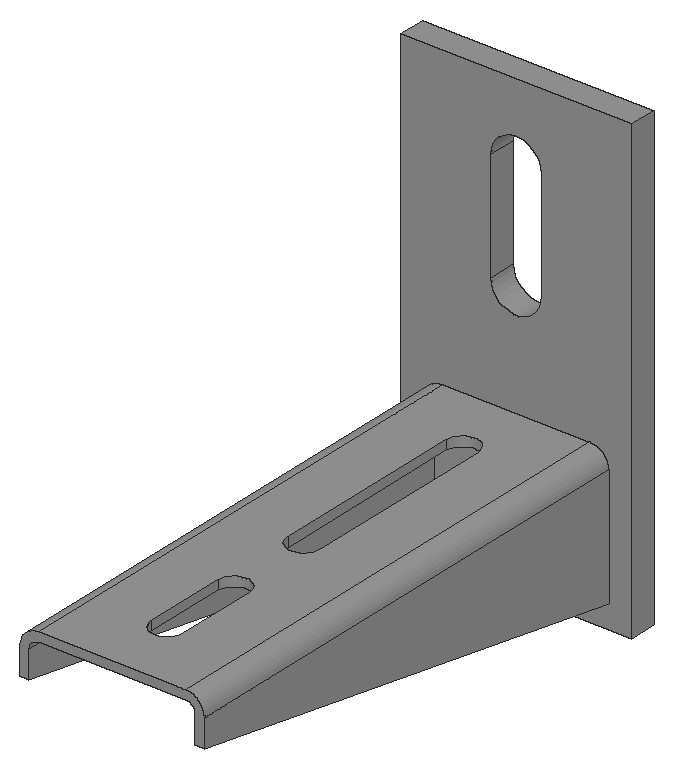
Revit family "Wand- und Stielausleger- FLA 100 G", category Generic Models, Revit 2017
Family settings
  Can host rebar = No
  Round Connector Dimension = Use Diameter
  Part Type = Normal
  Work Plane-Based = No
  Always vertical = Yes
  Cut with Voids When Loaded = No
  Shared = No
  Room Calculation Point = No
Parameters (values of type "FLA 100 G")
  Width = 100 mm
  URL = "http://www.obo-bettermann.com"
  Material = Elektrogalvanised
  Manufacturer Art.No. = "6437881"
  Manufacturer = "OBO BETTERMANN"
  GTIN = "4012196413805"
  Article Type = "FLA 100 G"
Types (3, lengths in mm): name | Material | Manufacturer Art.No. | GTIN | Article Type
  (no name) | Elektrogalvanised | "6437881" | "4012196413805" | "FLA 100 G"
  FLA 100 G | Elektrogalvanised | "6437881" | "4012196413805" | "FLA 100 G"
  FLA 100 FT | Hot dip galvanised | "6437901" | "4012196413867" | "FLA 100 FT"
Reference planes
  plane 1 "Center (Front/Back)": y = 0
  plane 2: z = 0
  plane 3 "Center (Left/Right)": x = 0
  plane 4: y = -6
  plane 5: z = 89
  plane 6: x = 25
  plane 7: z = 35
  plane 8: z = 5
  plane 9: x = 25
  plane 10: z = 25
  plane 11: z = 35
  plane 12: x = 25
  plane 13: y = -104.133
  plane 14: y = -67.133
Forms (mm)
  Extrusion 1, solid, material "Elektrogalvanised" <- "Material"
    sketch origin (0, 0, 0) x (1, 0, 0) y (0, 0, 1)
      loop
        line (0, 0) -> (50, 0) -> (50, 100) -> (0, 100) -> (0, 0)
    from 0 to 6
  Extrusion 2, void
    sketch origin (0, 0, 0) x (1, 0, 0) y (0, 0, 1)
      loop
        arc (19.5, 59.5) -> (25, 54) -> (30.5, 59.5) r 5.5
        line (30.5, 59.5) -> (30.5, 83.451)
        arc (30.5, 83.451) -> (25, 88.951) -> (19.5, 83.451) r 5.5
        line (19.5, 83.451) -> (19.5, 59.5)
    from 0 to 6
  Extrusion 3, solid, material "Elektrogalvanised" <- "Material"
    sketch origin (0, 0, 0) x (1, 0, 0) y (0, 0, 1)
      loop
        line (5, 5) -> (7, 5) -> (7, 31)
        arc (7, 31) -> (7.586, 32.414) -> (9, 33) r 2
        line (9, 33) -> (41, 33)
        arc (41, 33) -> (42.414, 32.414) -> (43, 31) r 2
        line (43, 31) -> (43, 5) -> (45, 5) -> (45, 31)
        arc (45, 31) -> (43.828, 33.828) -> (41, 35) r 4
        line (41, 35) -> (9, 35)
        arc (9, 35) -> (6.172, 33.828) -> (5, 31) r 4
        line (5, 31) -> (5, 5)
    from 6 to 115.633
  Extrusion 4, void
    sketch origin (0, 0, 0) x (0, 1, 0) y (0, 0, 1)
      loop
        line (-115.633, 25) -> (-115.633, 5) -> (-6, 5) -> (-115.633, 25)
    from 5 to 7
  Extrusion 5, void
    sketch origin (0, 0, 0) x (0, 1, 0) y (0, 0, 1)
      loop
        line (-115.633, 25) -> (-115.633, 5) -> (-6, 5) -> (-115.633, 25)
    from 43 to 45
  Extrusion 6, void
    sketch origin (0, 0, 0) x (1, 0, 0) y (0, 1, 0)
      loop
        arc (21.5, -100.661) -> (25, -104.161) -> (28.5, -100.661) r 3.5
        line (28.5, -100.661) -> (28.5, -82.633)
        arc (28.5, -82.633) -> (25, -79.133) -> (21.5, -82.633) r 3.5
        line (21.5, -82.633) -> (21.5, -100.661)
      loop
        line (21.5, -20.633) -> (21.5, -63.651)
        arc (21.5, -63.651) -> (25, -67.151) -> (28.5, -63.651) r 3.5
        line (28.5, -63.651) -> (28.5, -20.633)
        arc (28.5, -20.633) -> (25, -17.133) -> (21.5, -20.633) r 3.5
    from 33 to 35
Cuts and joins
  Extrusion 2 cuts Extrusion 1
  Extrusion 4, Extrusion 5, Extrusion 6 cuts Extrusion 3
Dimensions and locks
  locked: Extrusion 1 sketch curve to Extrusion 1 sketch curve at 100
  locked: Extrusion 1 sketch curve to Extrusion 1 sketch curve at 50
  locked: plane 1 "Center (Front/Back)" to plane 4 at 6
  locked: Extrusion 1 to plane 6 at 25
  locked: Extrusion 1 to plane 5 at 11
  locked: Extrusion 2 sketch curve to Extrusion 2 sketch curve at 11
  locked: plane 6 to Extrusion 2 sketch curve at 5.5
  locked: plane 5 to Extrusion 2 sketch curve at 0.049
  locked: plane 5 to Extrusion 2 sketch curve at 35
  locked: cut or joined group of Extrusion 1, Extrusion 2 to plane 7 at 65
  locked: plane 7 to plane 8 at 30
  locked: cut or joined group of Extrusion 1, Extrusion 2 to plane 9 at 25
  locked: Extrusion 3 sketch curve to Extrusion 3 sketch curve at 40
  locked: plane 9 to Extrusion 3 sketch curve at 20
  locked: Extrusion 3 sketch curve to Extrusion 3 sketch curve at 30  (x2)
  locked: Extrusion 3 sketch curve to Extrusion 3 sketch curve at 2  (x3)
  locked: Extrusion 3 to cut or joined group of Extrusion 1, Extrusion 2 at 109.633
  locked: plane 11 to level at 35
  locked: plane 11 to plane 10 at 10
  locked: cut or joined group of Extrusion 3, Extrusion 4, Extrusion 5, Extrusion 6 to plane 12 at 20
  locked: cut or joined group of Extrusion 3, Extrusion 4, Extrusion 5, Extrusion 6 to plane 13 at 11.5
  locked: Extrusion 6 sketch curve to Extrusion 6 sketch curve at 7
  locked: Extrusion 6 sketch curve to plane 12 at 3.5
  locked: cut or joined group of Extrusion 3, Extrusion 4, Extrusion 5, Extrusion 6 to Extrusion 6 sketch curve at 11.472
  locked: Extrusion 6 sketch curve to plane 13 at 25
  plane 14 to Extrusion 6 sketch curve = 12 mm
  locked: cut or joined group of Extrusion 3, Extrusion 4, Extrusion 5, Extrusion 6 to plane 14 at 48.5
  locked: Extrusion 6 sketch curve to plane 13 at 36.982
  locked: Extrusion 6 sketch curve to plane 14 at 50
  aligned and locked: level to plane 2
  aligned and locked: Extrusion 1 to level
  aligned and locked: Extrusion 1 to plane 3 "Center (Left/Right)"
  aligned and locked: Extrusion 1 to plane 4
  aligned and locked: Extrusion 2 to plane 1 "Center (Front/Back)"
  aligned and locked: Extrusion 1 to Extrusion 2
  aligned and locked: Extrusion 3 sketch curve to plane 8
  aligned and locked: Extrusion 3 to plane 4
  aligned and locked: Extrusion 4 to Extrusion 3
  aligned and locked: Extrusion 3 to Extrusion 4
  aligned and locked: Extrusion 3 to Extrusion 5
  aligned and locked: Extrusion 5 to Extrusion 3
  aligned and locked: Extrusion 6 sketch curve to Extrusion 6 sketch curve  (x2)
  aligned and locked: Extrusion 3 to Extrusion 6  (x2)
Automatic sketch dimensions
  Extrusion 1 sketch curve to level = 0 mm
  Extrusion 1 sketch curve to plane 3 "Center (Left/Right)" = 0 mm
  Extrusion 3 sketch curve to Extrusion 3 sketch curve = 0 mm  (x4)
  Extrusion 3 sketch curve to Extrusion 3 sketch curve = 2 mm  (x2)
  Extrusion 4 sketch curve to plane 10 = 0 mm
  Extrusion 4 sketch curve to plane 4 = 0 mm
  level to Extrusion 4 sketch curve = 5 mm
  plane 4 to Extrusion 4 sketch curve = 109.633 mm
  Extrusion 5 sketch curve to plane 4 = 0 mm
  level to Extrusion 5 sketch curve = 5 mm
  level to Extrusion 5 sketch curve = 25 mm
  plane 4 to Extrusion 5 sketch curve = 109.633 mm
